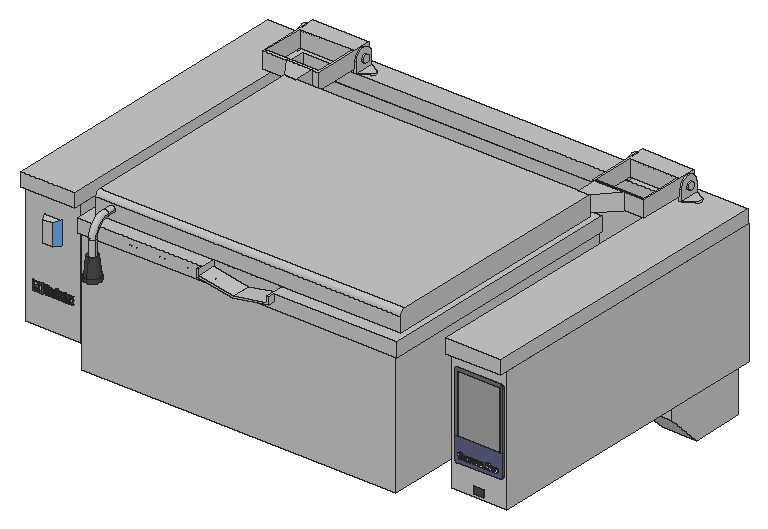
Revit family "QF_ELECTROLUXPROFESSIONAL_586283_PFET08EVEO", category Attrezzature speciali, Revit 2020 (continued)
Definition of nested family "QF_ELECTROLUXPROFESSIONAL_PBOT900H400_LEFT"
  Automatic sketch dimensions
    Extrusion 4 sketch curve to Extrusion 4 sketch curve = 0.826 mm  (x2)
    Extrusion 4 sketch curve to Extrusion 4 sketch curve = 0.126 mm  (x3)
    Extrusion 4 sketch curve to Extrusion 4 sketch curve = 2.333 mm
    Extrusion 4 sketch curve to Extrusion 4 sketch curve = 1.257 mm  (x2)
    Extrusion 4 sketch curve to Extrusion 4 sketch curve = 2.771 mm
    Extrusion 4 sketch curve to Extrusion 4 sketch curve = 1.497 mm
    Extrusion 4 sketch curve to Extrusion 4 sketch curve = 1.979 mm
    Extrusion 4 sketch curve to Extrusion 4 sketch curve = 1.653 mm
    Extrusion 4 sketch curve to Extrusion 4 sketch curve = 0.085 mm
    Extrusion 4 sketch curve to Extrusion 4 sketch curve = 0.315 mm
    Extrusion 4 sketch curve to Extrusion 4 sketch curve = 3.811 mm
    Extrusion 4 sketch curve to Extrusion 4 sketch curve = 2.136 mm  (x2)
    Extrusion 4 sketch curve to Extrusion 4 sketch curve = 2.352 mm  (x2)
    Extrusion 4 sketch curve to plane 8 "TOP" = 289.122 mm
    Extrusion 4 sketch curve to Extrusion 4 sketch curve = 3.797 mm
    Extrusion 4 sketch curve to plane 8 "TOP" = 296.104 mm
    Extrusion 4 sketch curve to Extrusion 4 sketch curve = 1.528 mm
    Extrusion 4 sketch curve to plane 8 "TOP" = 290.598 mm
    Extrusion 4 sketch curve to Extrusion 4 sketch curve = 1.476 mm
    Extrusion 4 sketch curve to plane 8 "TOP" = 294.635 mm
    Extrusion 4 sketch curve to Extrusion 4 sketch curve = 1.469 mm
    Extrusion 4 sketch curve to Extrusion 4 sketch curve = 3.728 mm
    Extrusion 4 sketch curve to Extrusion 4 sketch curve = 0.046 mm
    Extrusion 4 sketch curve to Extrusion 4 sketch curve = 0.177 mm
    Extrusion 4 sketch curve to Extrusion 4 sketch curve = 0.947 mm
    Extrusion 4 sketch curve to Extrusion 4 sketch curve = 0.308 mm
    Extrusion 4 sketch curve to Extrusion 4 sketch curve = 0.091 mm
    Extrusion 4 sketch curve to Extrusion 4 sketch curve = 2.375 mm
    Extrusion 4 sketch curve to Extrusion 4 sketch curve = 0.94 mm
    Extrusion 4 sketch curve to Extrusion 4 sketch curve = 0.54 mm
    Extrusion 4 sketch curve to Extrusion 4 sketch curve = 0.102 mm
    Extrusion 4 sketch curve to Extrusion 4 sketch curve = 0.002 mm  (x4)
    Extrusion 4 sketch curve to Extrusion 4 sketch curve = 0.105 mm
    Extrusion 4 sketch curve to Extrusion 4 sketch curve = 0.097 mm
    Extrusion 4 sketch curve to Extrusion 4 sketch curve = 3.982 mm
    Extrusion 4 sketch curve to Extrusion 4 sketch curve = 0.17 mm
    Extrusion 4 sketch curve to Extrusion 4 sketch curve = 6.49 mm
    Extrusion 4 sketch curve to Extrusion 4 sketch curve = 1.777 mm
    Extrusion 4 sketch curve to plane 8 "TOP" = 296.072 mm
    Extrusion 4 sketch curve to Extrusion 4 sketch curve = 0.63 mm
    Extrusion 4 sketch curve to Extrusion 4 sketch curve = 1.001 mm
    Extrusion 4 sketch curve to plane 8 "TOP" = 294.678 mm
    Extrusion 4 sketch curve to Extrusion 4 sketch curve = 1.393 mm
    Extrusion 4 sketch curve to Extrusion 4 sketch curve = 2.363 mm
    Extrusion 4 sketch curve to Extrusion 4 sketch curve = 2.253 mm
    Extrusion 4 sketch curve to Extrusion 4 sketch curve = 0.014 mm  (x4)
    Extrusion 4 sketch curve to Extrusion 4 sketch curve = 0.172 mm
    Extrusion 4 sketch curve to Extrusion 4 sketch curve = 0.096 mm
    Extrusion 4 sketch curve to Extrusion 4 sketch curve = 0.164 mm
    Extrusion 4 sketch curve to Extrusion 4 sketch curve = 0.298 mm
    Extrusion 4 sketch curve to Extrusion 4 sketch curve = 0.247 mm
    Extrusion 4 sketch curve to Extrusion 4 sketch curve = 0.084 mm
    Extrusion 4 sketch curve to Extrusion 4 sketch curve = 6.484 mm
    Extrusion 4 sketch curve to Extrusion 4 sketch curve = 2.596 mm
    Extrusion 4 sketch curve to Extrusion 4 sketch curve = 0.059 mm  (x2)
    Extrusion 4 sketch curve to Extrusion 4 sketch curve = 3.889 mm
    Extrusion 4 sketch curve to plane 8 "TOP" = 307.979 mm
    Extrusion 4 sketch curve to Extrusion 4 sketch curve = 6.029 mm
    Extrusion 4 sketch curve to plane 8 "TOP" = 305.988 mm
    Extrusion 4 sketch curve to Extrusion 4 sketch curve = 0.929 mm
    Extrusion 4 sketch curve to Extrusion 4 sketch curve = 1.102 mm
    Extrusion 4 sketch curve to Extrusion 4 sketch curve = 0.756 mm  (x2)
    Extrusion 4 sketch curve to plane 8 "TOP" = 306.353 mm
    Extrusion 4 sketch curve to Extrusion 4 sketch curve = 0.852 mm
    Extrusion 4 sketch curve to Extrusion 4 sketch curve = 0.108 mm
    Extrusion 4 sketch curve to Extrusion 4 sketch curve = 0.101 mm
    Extrusion 4 sketch curve to Extrusion 4 sketch curve = 0.072 mm
    Extrusion 4 sketch curve to Extrusion 4 sketch curve = 1.67 mm
    Extrusion 4 sketch curve to Extrusion 4 sketch curve = 1.834 mm
    Extrusion 4 sketch curve to Extrusion 4 sketch curve = 0.366 mm
    Extrusion 4 sketch curve to Extrusion 4 sketch curve = 0.993 mm
    Extrusion 4 sketch curve to Extrusion 4 sketch curve = 0.81 mm
    Extrusion 4 sketch curve to Extrusion 4 sketch curve = 1.026 mm  (x2)
    Extrusion 4 sketch curve to Extrusion 4 sketch curve = 4.272 mm
    Extrusion 4 sketch curve to Extrusion 4 sketch curve = 0.163 mm
    Extrusion 4 sketch curve to Extrusion 4 sketch curve = 0.551 mm
    Extrusion 4 sketch curve to Extrusion 4 sketch curve = 6.11 mm
    Extrusion 4 sketch curve to Extrusion 4 sketch curve = 1.451 mm
    Extrusion 4 sketch curve to Extrusion 4 sketch curve = 5.217 mm
    Extrusion 4 sketch curve to Extrusion 4 sketch curve = 0.045 mm  (x2)
    Extrusion 4 sketch curve to Extrusion 4 sketch curve = 0.241 mm
    Extrusion 4 sketch curve to Extrusion 4 sketch curve = 0.039 mm
    Extrusion 4 sketch curve to Extrusion 4 sketch curve = 1.134 mm
    Extrusion 4 sketch curve to Extrusion 4 sketch curve = 2.351 mm
    Extrusion 4 sketch curve to Extrusion 4 sketch curve = 3.993 mm
    Extrusion 4 sketch curve to Extrusion 4 sketch curve = 10.128 mm
    Extrusion 4 sketch curve to Extrusion 4 sketch curve = 0.956 mm
    Extrusion 4 sketch curve to Extrusion 4 sketch curve = 1.263 mm
    Extrusion 4 sketch curve to Extrusion 4 sketch curve = 2.577 mm
    Extrusion 4 sketch curve to Extrusion 4 sketch curve = 0.243 mm
    Extrusion 4 sketch curve to Extrusion 4 sketch curve = 0.031 mm
    Extrusion 4 sketch curve to Extrusion 4 sketch curve = 7.148 mm
    Extrusion 4 sketch curve to Extrusion 4 sketch curve = 1.502 mm
    Extrusion 4 sketch curve to Extrusion 4 sketch curve = 11.54 mm
    Extrusion 4 sketch curve to Extrusion 4 sketch curve = 11.758 mm
    Extrusion 4 sketch curve to Extrusion 4 sketch curve = 4.097 mm
    Extrusion 4 sketch curve to Extrusion 4 sketch curve = 0.011 mm
    Extrusion 4 sketch curve to Extrusion 4 sketch curve = 4.488 mm
    Extrusion 4 sketch curve to Extrusion 4 sketch curve = 11.908 mm
    Extrusion 4 sketch curve to Extrusion 4 sketch curve = 2.236 mm
    Extrusion 4 sketch curve to Extrusion 4 sketch curve = 0.22 mm
    Extrusion 4 sketch curve to Extrusion 4 sketch curve = 0.319 mm
    Extrusion 4 sketch curve to Extrusion 4 sketch curve = 1.192 mm
    Extrusion 4 sketch curve to Extrusion 4 sketch curve = 3.577 mm  (x2)
    Extrusion 4 sketch curve to Extrusion 4 sketch curve = 3.444 mm  (x2)
    Extrusion 4 sketch curve to Extrusion 4 sketch curve = 1.626 mm  (x2)
    Extrusion 4 sketch curve to Extrusion 4 sketch curve = 2.021 mm
    Extrusion 4 sketch curve to Extrusion 4 sketch curve = 2.967 mm
    Extrusion 4 sketch curve to Extrusion 4 sketch curve = 1.22 mm
    Extrusion 4 sketch curve to Extrusion 4 sketch curve = 3.412 mm
    Extrusion 4 sketch curve to Extrusion 4 sketch curve = 0.892 mm  (x3)
    Extrusion 4 sketch curve to Extrusion 4 sketch curve = 0.58 mm  (x2)
    Extrusion 4 sketch curve to Extrusion 4 sketch curve = 2.117 mm
    Extrusion 4 sketch curve to Extrusion 4 sketch curve = 0.295 mm  (x2)
    Extrusion 4 sketch curve to Extrusion 4 sketch curve = 0.618 mm
    Extrusion 4 sketch curve to Extrusion 4 sketch curve = 1.65 mm
    Extrusion 4 sketch curve to Extrusion 4 sketch curve = 1.662 mm
    Extrusion 4 sketch curve to Extrusion 4 sketch curve = 0.013 mm  (x2)
    Extrusion 4 sketch curve to Extrusion 4 sketch curve = 0.292 mm
    Extrusion 4 sketch curve to Extrusion 4 sketch curve = 0.107 mm  (x2)
    Extrusion 4 sketch curve to Extrusion 4 sketch curve = 0.068 mm  (x2)
    Extrusion 4 sketch curve to Extrusion 4 sketch curve = 2.361 mm
    Extrusion 4 sketch curve to Extrusion 4 sketch curve = 2.359 mm
    Extrusion 4 sketch curve to Extrusion 4 sketch curve = 0.531 mm  (x2)
    Extrusion 4 sketch curve to Extrusion 4 sketch curve = 0.928 mm  (x2)
    Extrusion 4 sketch curve to Extrusion 4 sketch curve = 1.058 mm
    Extrusion 4 sketch curve to Extrusion 4 sketch curve = 0.297 mm  (x2)
    Extrusion 4 sketch curve to Extrusion 4 sketch curve = 0.155 mm  (x2)
    Extrusion 4 sketch curve to Extrusion 4 sketch curve = 0.182 mm  (x2)
    Extrusion 4 sketch curve to Extrusion 4 sketch curve = 0.607 mm  (x2)
    Extrusion 4 sketch curve to Extrusion 4 sketch curve = 0.372 mm  (x2)
    Extrusion 4 sketch curve to Extrusion 4 sketch curve = 0.016 mm  (x2)
    Extrusion 4 sketch curve to Extrusion 4 sketch curve = 0.996 mm
    Extrusion 4 sketch curve to Extrusion 4 sketch curve = 0.93 mm
    Extrusion 4 sketch curve to Extrusion 4 sketch curve = 0.709 mm  (x2)
    Extrusion 4 sketch curve to Extrusion 4 sketch curve = 1.017 mm
    Extrusion 4 sketch curve to Extrusion 4 sketch curve = 4.718 mm
    Extrusion 4 sketch curve to Extrusion 4 sketch curve = 0.891 mm
    Extrusion 4 sketch curve to Extrusion 4 sketch curve = 3.826 mm
    Extrusion 4 sketch curve to Extrusion 4 sketch curve = 0.954 mm
    Extrusion 4 sketch curve to Extrusion 4 sketch curve = 5.576 mm
    Extrusion 4 sketch curve to Extrusion 4 sketch curve = 5.661 mm  (x2)
    Extrusion 4 sketch curve to Extrusion 4 sketch curve = 0.006 mm
    Extrusion 4 sketch curve to Extrusion 4 sketch curve = 2.203 mm
    Extrusion 4 sketch curve to Extrusion 4 sketch curve = 2.21 mm
    Extrusion 4 sketch curve to Extrusion 4 sketch curve = 1.607 mm
    Extrusion 4 sketch curve to Extrusion 4 sketch curve = 3.92 mm
    Extrusion 4 sketch curve to Extrusion 4 sketch curve = 0.05 mm
    Extrusion 4 sketch curve to Extrusion 4 sketch curve = 1.776 mm
    Extrusion 4 sketch curve to Extrusion 4 sketch curve = 4.017 mm
    Extrusion 4 sketch curve to Extrusion 4 sketch curve = 0.196 mm  (x2)
    Extrusion 4 sketch curve to Extrusion 4 sketch curve = 0.19 mm
    Extrusion 4 sketch curve to Extrusion 4 sketch curve = 1.312 mm
    Extrusion 4 sketch curve to Extrusion 4 sketch curve = 0.146 mm
    Extrusion 4 sketch curve to Extrusion 4 sketch curve = 2.831 mm
    Extrusion 4 sketch curve to Extrusion 4 sketch curve = 0.387 mm
    Extrusion 4 sketch curve to Extrusion 4 sketch curve = 0.174 mm
    Extrusion 4 sketch curve to Extrusion 4 sketch curve = 4.623 mm
    Extrusion 4 sketch curve to Extrusion 4 sketch curve = 1.754 mm
    Extrusion 4 sketch curve to Extrusion 4 sketch curve = 0.188 mm
    Extrusion 4 sketch curve to Extrusion 4 sketch curve = 0.02 mm
    Extrusion 4 sketch curve to Extrusion 4 sketch curve = 0.313 mm
    Extrusion 4 sketch curve to Extrusion 4 sketch curve = 0.12 mm
    Extrusion 4 sketch curve to Extrusion 4 sketch curve = 0.062 mm
    Extrusion 4 sketch curve to Extrusion 4 sketch curve = 0.568 mm
    Extrusion 4 sketch curve to Extrusion 4 sketch curve = 0.095 mm
    Extrusion 4 sketch curve to Extrusion 4 sketch curve = 0.357 mm
    Extrusion 4 sketch curve to Extrusion 4 sketch curve = 0.008 mm
    Extrusion 4 sketch curve to Extrusion 4 sketch curve = 0.36 mm
    Extrusion 4 sketch curve to Extrusion 4 sketch curve = 3.784 mm
    Extrusion 4 sketch curve to Extrusion 4 sketch curve = 1.654 mm
    Extrusion 4 sketch curve to Extrusion 4 sketch curve = 1.454 mm
    Extrusion 4 sketch curve to Extrusion 4 sketch curve = 3.429 mm
    Extrusion 4 sketch curve to Extrusion 4 sketch curve = 1.094 mm
    Extrusion 4 sketch curve to Extrusion 4 sketch curve = 2.218 mm
    Extrusion 4 sketch curve to Extrusion 4 sketch curve = 1.404 mm
    Extrusion 4 sketch curve to Extrusion 4 sketch curve = 5.959 mm
    Extrusion 4 sketch curve to Extrusion 4 sketch curve = 1.424 mm
    Extrusion 4 sketch curve to Extrusion 4 sketch curve = 3.23 mm
    Extrusion 4 sketch curve to Extrusion 4 sketch curve = 1.975 mm
    Extrusion 4 sketch curve to Extrusion 4 sketch curve = 3.779 mm
    Extrusion 4 sketch curve to Extrusion 4 sketch curve = 2.212 mm
    Extrusion 4 sketch curve to Extrusion 4 sketch curve = 3.78 mm
    Extrusion 4 sketch curve to Extrusion 4 sketch curve = 1.279 mm
    Extrusion 4 sketch curve to Extrusion 4 sketch curve = 1.343 mm  (x2)
    Extrusion 4 sketch curve to Extrusion 4 sketch curve = 1.353 mm  (x2)
    Extrusion 4 sketch curve to Extrusion 4 sketch curve = 0.027 mm  (x2)
    Extrusion 4 sketch curve to Extrusion 4 sketch curve = 0.395 mm  (x2)
    Extrusion 4 sketch curve to Extrusion 4 sketch curve = 0.329 mm  (x2)
    Extrusion 4 sketch curve to Extrusion 4 sketch curve = 0.425 mm  (x2)
    Extrusion 4 sketch curve to Extrusion 4 sketch curve = 0.051 mm  (x2)
    Extrusion 4 sketch curve to Extrusion 4 sketch curve = 0.495 mm  (x2)
    Extrusion 4 sketch curve to Extrusion 4 sketch curve = 0.267 mm  (x2)
    Extrusion 4 sketch curve to Extrusion 4 sketch curve = 1.4 mm
    Extrusion 4 sketch curve to Extrusion 4 sketch curve = 5.233 mm
    Extrusion 4 sketch curve to Extrusion 4 sketch curve = 2.062 mm
    Extrusion 2 sketch curve to plane 13 = 105.0 mm
    plane 16 to Extrusion 6 sketch curve = 0.0 mm  (x2)
    Extrusion 6 sketch curve to plane 18 = 0.0 mm
    Extrusion 6 sketch curve to plane 17 = 0.0 mm
    Extrusion 5 sketch curve to plane 13 = 60.0 mm
    Extrusion 5 sketch curve to plane 15 = 90.0 mm
    radius of Extrusion 2 sketch curve = 6.35 mm  (x2)
    radius of Extrusion 4 sketch curve = 2.453 mm
    radius of Extrusion 4 sketch curve = 1.557 mm
    radius of Extrusion 4 sketch curve = 1.468 mm
    radius of Extrusion 4 sketch curve = 2.451 mm
    radius of Extrusion 6 sketch curve = 5.0 mm  (x2)
Definition of nested family "QF_ELECTROLUXPROFESSIONAL_PBOT900H400_RIGHT"
  Parameters
    Width = 160.0 mm
    Right = Width / 2  # 80.0 mm
    Default Elevation = 0.0 mm
    Left = -Width / 2  # -80.0 mm
    Htop = 40.0 mm
    Height = 900.0 mm
    HBase = 200.0 mm
    EI_z = 450.0 mm
    EI_y = 239.0 mm
    Depth = 900.0 mm
    BorderFront = 20.0 mm
    Body Finish [instance] = none
  Reference planes
    plane 1 "Center (Front/Back)": y = 0
    plane 2: z = 0
    plane 3 "Center (Left/Right)": x = 0
    plane 4 "LEFT": x = -80
    plane 5 "RIGHT": x = 80
    plane 6 "BACK": y = 450
    plane 7 "FRONT": y = -450
    plane 8 "Base": z = 350
    plane 9 "TOP": z = 900
    plane 10 "BorderFront": y = -430
    plane 11: z = 860
    plane 12 "EI": z = 450
    plane 13: z = 500
    plane 14: y = 210
    plane 15: z = 800
    plane 16: z = 525
    plane 17: x = -30
  Forms (mm)
    Extrusion 1, solid
      sketch origin (0, 0, 0) x (1, 0, 0) y (0, 1, 0)
        loop
          line (-80, 450) -> (-80, -430) -> (80, -430) -> (80, 450) -> (-80, 450)
      from 860 to 500
    Extrusion 2, solid
      sketch origin (0, -430, 0) x (-1, 0, 0) y (0, 0, 1)
        loop
          line (59.714, 823.989) -> (-61.821, 823.989)
          arc (-61.821, 823.989) -> (-68.892, 821.06) -> (-71.821, 813.989) r 10
          line (-71.821, 813.989) -> (-71.821, 644.744) -> (-61.821, 644.744) -> (-61.821, 813.989) -> (59.714, 813.989) -> (59.714, 644.744) -> (69.714, 644.744) -> (69.714, 813.989)
          arc (69.714, 813.989) -> (66.786, 821.06) -> (59.714, 823.989) r 10
      from 0 to -3
    Extrusion 3, solid
      sketch origin (0, -430, 0) x (-1, 0, 0) y (0, 0, 1)
        loop
          line (69.714, 585) -> (69.714, 644.744) -> (-71.821, 644.744) -> (-71.821, 585)
          arc (-71.821, 585) -> (-68.892, 577.929) -> (-61.821, 575) r 10
          line (-61.821, 575) -> (59.714, 575)
          arc (59.714, 575) -> (66.786, 577.929) -> (69.714, 585) r 10
      from -3 to 0
    Extrusion 4, solid
      sketch origin (234.714, -430, 0) x (-1, 0, 0) y (0, 0, 1)
        loop
          line (294.429, 813.989) -> (172.894, 813.989) -> (172.894, 644.744) -> (294.429, 644.744) -> (294.429, 813.989)
      from 0 to -3
    Extrusion 5, solid
      sketch origin (0, -430, 0) x (-1, 0, 0) y (0, 0, 1)
        loop
          line (15, 530) -> (-15, 530) -> (-15, 510) -> (15, 510) -> (15, 530)
      from -1.6 to 0
    Extrusion 6, solid
      sketch origin (0, 450, 0) x (-1, 0, 0) y (0, 0, 1)
        loop
          circle (0, 450) r 5
      from 0 to 2
    Extrusion 7, solid
      sketch origin (0, 0, 0) x (0, 1, 0) y (0, 0, 1)
        loop
          line (450, 500) -> (210, 500) -> (210, 440) -> (300, 350) -> (450, 350) -> (450, 500)
      from -50 to 50
    Extrusion 8, void
      sketch origin (0, 450, 0) x (-1, 0, 0) y (0, 0, 1)
        loop
          circle (30, 800) r 5
        loop
          circle (30, 525) r 5
      from 0 to -5
  Cuts and joins
    Extrusion 8 cuts Extrusion 1
  Lines and regions (mm)
    symbolic lines
      curve 1: line (-80, 450, 0) -> (80, 450, 0)
      curve 2: line (80, 450, 0) -> (80, -430, 0)
  Dimensions and locks
    "Width": plane 4 "LEFT" to plane 5 "RIGHT"
    equal spacing: plane 4 "LEFT", plane 3 "Center (Left/Right)", plane 5 "RIGHT"
    equal spacing: plane 6 "BACK", plane 1 "Center (Front/Back)", plane 7 "FRONT"
    "Depth": plane 6 "BACK" to plane 7 "FRONT"
    "BorderFront": plane 10 "BorderFront" to plane 7 "FRONT"
    "Htop": plane 9 "TOP" to plane 11
    "Height": plane 9 "TOP" to level
    locked: plane 11 to plane 13 at 360
    plane 13 to plane 8 "Base" = 150.0 mm
    plane 6 "BACK" to plane 14 = 240.0 mm
    "EI_z": plane 12 "EI" to level
    plane 11 to level = 860.0 mm
    plane 16 to plane 15 to plane 11 = 275.0 mm, 60.0 mm
    plane 5 "RIGHT" to plane 17 = 110.0 mm
    aligned and locked: level to plane 2
    aligned and locked: plane 10 "BorderFront" to Extrusion 1 sketch curve
    aligned and locked: plane 11 to Extrusion 1
    aligned and locked: plane 4 "LEFT" to Extrusion 1 sketch curve
    aligned and locked: Extrusion 1 sketch curve to plane 5 "RIGHT"
    aligned and locked: Extrusion 1 sketch curve to plane 6 "BACK"
    aligned and locked: Extrusion 1 to plane 13
    aligned and locked: plane 6 "BACK" to Extrusion 7 sketch curve
    aligned and locked: plane 13 to Extrusion 7 sketch curve
    aligned and locked: Extrusion 7 sketch curve to plane 8 "Base"
    aligned and locked: plane 14 to Extrusion 7 sketch curve
  Automatic sketch dimensions
    Extrusion 2 sketch curve to plane 5 "RIGHT" = 8.179 mm
    Extrusion 2 sketch curve to Extrusion 2 sketch curve = 10.0 mm  (x2)
    Extrusion 2 sketch curve to Extrusion 2 sketch curve = 0.0 mm  (x4)
    plane 4 "LEFT" to Extrusion 2 sketch curve = 20.286 mm
    Extrusion 2 sketch curve to plane 11 = 215.256 mm
    Extrusion 2 sketch curve to plane 11 = 46.011 mm
    Extrusion 3 sketch curve to plane 5 "RIGHT" = 8.179 mm
    plane 4 "LEFT" to Extrusion 3 sketch curve = 20.286 mm
    plane 4 "LEFT" to Extrusion 3 sketch curve = 10.286 mm
    Extrusion 3 sketch curve to plane 11 = 285.0 mm
    Extrusion 3 sketch curve to Extrusion 3 sketch curve = 59.744 mm
    Extrusion 3 sketch curve to Extrusion 3 sketch curve = 10.0 mm
    plane 4 "LEFT" to Extrusion 4 sketch curve = 20.286 mm
    Extrusion 4 sketch curve to plane 11 = 46.011 mm
    Extrusion 4 sketch curve to plane 5 "RIGHT" = 18.179 mm
    Extrusion 4 sketch curve to Extrusion 4 sketch curve = 169.244 mm
    Extrusion 6 sketch curve to plane 3 "Center (Left/Right)" = 0.0 mm
    Extrusion 6 sketch curve to plane 12 "EI" = 0.0 mm
    curve 1 to plane 4 "LEFT" = 0.0 mm
    curve 1 to plane 5 "RIGHT" = 0.0 mm
    curve 2 to plane 10 "BorderFront" = 0.0 mm
    curve 1 to plane 6 "BACK" = 0.0 mm
    plane 3 "Center (Left/Right)" to Extrusion 5 sketch curve = 15.0 mm
    Extrusion 5 sketch curve to plane 3 "Center (Left/Right)" = 15.0 mm
    plane 12 "EI" to Extrusion 5 sketch curve = 60.0 mm
    Extrusion 5 sketch curve to Extrusion 5 sketch curve = 20.0 mm
    Extrusion 8 sketch curve to plane 16 = 0.0 mm
    plane 17 to Extrusion 8 sketch curve = 0.0 mm  (x2)
    Extrusion 8 sketch curve to plane 15 = 0.0 mm
    Extrusion 7 sketch curve to plane 12 "EI" = 10.0 mm
    Extrusion 7 sketch curve to plane 14 = 90.0 mm
    radius of Extrusion 6 sketch curve = 5.0 mm
    radius of Extrusion 8 sketch curve = 5.0 mm  (x2)
  Nested families
    nested 1: "ELX_ThermaLine" at (-0.906, -433, 593.675) x (1, 0, 0) z (0, -1, 0), type "ELX_ThermaLine"
      with Show Logo yes, Material_Logo none
  Definition of nested family "ELX_ThermaLine"
    Parameters
      Show Logo [instance] = yes
      Material_Logo [instance] = none
      Default Elevation = 0.0 mm
    Reference planes
      plane 1 "Centro (Fronte/Retro)": y = 0
      plane 2: z = 0
      plane 3 "Centro (Sinistra/Destra)": x = 0
    Forms (mm)
      Extrusion 1, solid
        sketch origin (0, 0, 0) x (1, 0, 0) y (0, 1, 0)
          loop
            line (-1219.2, 1219.2) -> (-1219.2, -1219.2) -> (1219.2, -1219.2) -> (1219.2, 1219.2) -> (-1219.2, 1219.2)
        from 0 to -304.8
      Extrusion 2, solid
        sketch origin (0, 0, 0) x (1, 0, 0) y (0, 1, 0)
          loop
            line (-52.84, 4.345) -> (-50.793, 4.345) -> (-50.793, 6.716) -> (-52.84, 6.716) -> (-52.84, 10.788) -> (-55.901, 9.058) -> (-55.901, 6.716) -> (-57.324, 6.716) -> (-57.324, 4.345) -> (-55.901, 4.345) -> (-55.901, -1.637)
            arc (-55.901, -1.637) -> (-54.76, -4.355) -> (-51.88, -4.985) r 3.198
            line (-51.88, -4.985) -> (-50.444, -4.597) -> (-50.782, -2.189) -> (-51.765, -2.453)
            arc (-51.765, -2.453) -> (-52.506, -2.305) -> (-52.84, -1.628) r 0.854
            line (-52.84, -1.628) -> (-52.84, 4.345)
          loop
            line (-48.642, 11.198) -> (-48.642, -4.787) -> (-45.561, -4.787) -> (-45.561, 2.659)
            arc (-45.561, 2.659) -> (-44.379, 4.372) -> (-42.304, 4.523) r 2.408
            arc (-42.304, 4.523) -> (-41.484, 3.75) -> (-41.182, 2.665) r 2.099
            line (-41.182, 2.665) -> (-41.182, -4.787) -> (-38.117, -4.787) -> (-38.088, 2.166)
            arc (-38.088, 2.166) -> (-38.343, 3.963) -> (-39.021, 5.646) r 7.517
            arc (-39.021, 5.646) -> (-42.369, 6.971) -> (-45.561, 5.303) r 4.327
            line (-45.561, 5.303) -> (-45.561, 11.198) -> (-48.642, 11.198)
          loop
            arc (-28.196, 1.988) -> (-28.834, 3.893) -> (-30.683, 4.679) r 2.449
            arc (-30.683, 4.679) -> (-32.149, 3.674) -> (-32.711, 1.988) r 2.793
            line (-32.711, 1.988) -> (-28.196, 1.988)
          loop
            arc (-25.128, 0.121) -> (-26.074, 4.342) -> (-29.545, 6.923) r 6.212
            arc (-29.545, 6.923) -> (-33.021, 6.358) -> (-35.352, 3.718) r 5.232
            arc (-35.352, 3.718) -> (-35.918, 1.148) -> (-35.633, -1.468) r 8.117
            arc (-35.633, -1.468) -> (-34.524, -3.319) -> (-32.789, -4.603) r 5.523
            arc (-32.789, -4.603) -> (-28.402, -4.744) -> (-25.297, -1.641) r 5.523
            line (-25.297, -1.641) -> (-28.327, -1.106)
            arc (-28.327, -1.106) -> (-29.324, -2.396) -> (-30.951, -2.501) r 1.982
            arc (-30.951, -2.501) -> (-32.276, -1.475) -> (-32.789, 0.121) r 2.835
            line (-32.789, 0.121) -> (-25.128, 0.121)
          loop
            line (-22.733, -4.787) -> (-19.705, -4.787) -> (-19.705, 0)
            arc (-19.705, 0) -> (-19.663, 1.267) -> (-19.469, 2.521) r 10.557
            arc (-19.469, 2.521) -> (-18.189, 4.014) -> (-16.237, 3.761) r 2.069
            line (-16.237, 3.761) -> (-15.318, 6.433)
            arc (-15.318, 6.433) -> (-17.915, 6.783) -> (-19.931, 5.11) r 3.262
            line (-19.931, 5.11) -> (-19.931, 6.752) -> (-22.733, 6.752) -> (-22.733, -4.787)
          loop
            line (-14.233, 6.752) -> (-14.233, -4.787) -> (-11.135, -4.787) -> (-11.135, 1.783)
            arc (-11.135, 1.783) -> (-10.552, 3.635) -> (-8.862, 4.59) r 2.646
            arc (-8.862, 4.59) -> (-7.677, 3.931) -> (-7.234, 2.65) r 1.899
            line (-7.234, 2.65) -> (-7.234, -4.787) -> (-4.155, -4.787) -> (-4.155, 1.467)
            arc (-4.155, 1.467) -> (-3.845, 2.923) -> (-2.97, 4.128) r 3.581
            arc (-2.97, 4.128) -> (-1.581, 4.474) -> (-0.516, 3.516) r 1.525
            arc (-0.516, 3.516) -> (-0.324, 2.735) -> (-0.304, 1.931) r 3.735
            line (-0.304, 1.931) -> (-0.304, -4.787) -> (2.776, -4.787) -> (2.776, 3.096)
            arc (2.776, 3.096) -> (1.833, 5.68) -> (-0.612, 6.942) r 3.784
            arc (-0.612, 6.942) -> (-2.795, 6.596) -> (-4.513, 5.205) r 4.271
            arc (-4.513, 5.205) -> (-5.893, 6.457) -> (-7.686, 6.964) r 4.079
            arc (-7.686, 6.964) -> (-9.75, 6.555) -> (-11.39, 5.237) r 4.412
            line (-11.39, 5.237) -> (-11.39, 6.752) -> (-14.233, 6.752)
          loop
            line (5.334, 3.712) -> (8.069, 3.23)
            arc (8.069, 3.23) -> (10.312, 4.685) -> (12.137, 2.73) r 2.082
            line (12.137, 2.73) -> (8.171, 1.741)
            arc (8.171, 1.741) -> (6.593, 1.022) -> (5.378, -0.215) r 4.758
            arc (5.378, -0.215) -> (5.225, -1.991) -> (5.744, -3.697) r 4.711
            arc (5.744, -3.697) -> (7.301, -4.682) -> (9.118, -4.992) r 4.691
            arc (9.118, -4.992) -> (10.903, -4.593) -> (12.411, -3.558) r 4.818
            line (12.411, -3.558) -> (12.81, -4.787) -> (15.873, -4.787) -> (15.179, -2.652) -> (15.179, 3.25)
            arc (15.179, 3.25) -> (14.773, 5.146) -> (13.38, 6.496) r 3.336
            arc (13.38, 6.496) -> (10.765, 7.201) -> (8.091, 6.773) r 6.459
            arc (8.091, 6.773) -> (6.348, 5.57) -> (5.334, 3.712) r 4.569
          loop
            line (21.001, -4.787) -> (24.24, -4.787) -> (27.623, 11.127) -> (24.384, 11.127) -> (21.001, -4.787)
          loop
            line (27.273, -4.787) -> (30.332, -4.787) -> (32.777, 6.716) -> (29.718, 6.716) -> (27.273, -4.787)
          loop
            line (30.656, 11.127) -> (30.058, 8.314) -> (33.117, 8.314) -> (33.715, 11.127) -> (30.656, 11.127)
          loop
            line (33.431, -4.787) -> (36.649, -4.787) -> (38.261, 2.796)
            arc (38.261, 2.796) -> (39.644, 4.445) -> (41.791, 4.594) r 2.751
            arc (41.791, 4.594) -> (42.425, 3.729) -> (42.502, 2.659) r 1.936
            line (42.502, 2.659) -> (40.919, -4.787) -> (43.989, -4.787) -> (45.795, 3.712)
            arc (45.795, 3.712) -> (45.588, 5.458) -> (44.361, 6.716) r 2.734
            arc (44.361, 6.716) -> (41.222, 6.857) -> (38.516, 5.259) r 5.512
            line (38.516, 5.259) -> (38.826, 6.716) -> (35.876, 6.716) -> (33.431, -4.787)
          loop
            line (50.773, 1.934) -> (55.672, 1.934)
            arc (55.672, 1.934) -> (55.737, 2.919) -> (55.334, 3.821) r 2.051
            arc (55.334, 3.821) -> (53.773, 4.722) -> (52.024, 4.287) r 2.407
            arc (52.024, 4.287) -> (51.223, 3.203) -> (50.773, 1.934) r 4.566
          loop
            line (50.479, 0) -> (58.259, 0)
            arc (58.259, 0) -> (58.241, 3.53) -> (56.181, 6.396) r 5.8
            arc (56.181, 6.396) -> (52.577, 6.992) -> (49.395, 5.199) r 5.498
            arc (49.395, 5.199) -> (47.819, 2.372) -> (47.536, -0.853) r 7.747
            arc (47.536, -0.853) -> (48.406, -3.006) -> (50.236, -4.437) r 4.494
            arc (50.236, -4.437) -> (52.672, -4.934) -> (55.109, -4.437) r 6.224
            arc (55.109, -4.437) -> (56.76, -3.346) -> (57.916, -1.739) r 5.478
            line (57.916, -1.739) -> (55.129, -1.247)
            arc (55.129, -1.247) -> (53.897, -2.495) -> (52.149, -2.637) r 2.52
            arc (52.149, -2.637) -> (50.809, -1.638) -> (50.479, 0) r 2.336
          loop
            line (12.154, 0.755) -> (8.732, -0.098)
            arc (8.732, -0.098) -> (8.126, -1.288) -> (8.732, -2.478) r 1.471
            arc (8.732, -2.478) -> (10.437, -2.725) -> (11.827, -1.706) r 2.276
            arc (11.827, -1.706) -> (12.142, -0.496) -> (12.154, 0.755) r 5.123
        from 0 to 1.6
    Dimensions and locks
      aligned and locked: plane 2 to Extrusion 1
      aligned and locked: level to Extrusion 1
Definition of nested family "QF_ELECTROLUXPROFESSIONAL_PFET900_LEVEL2"
  Parameters
    Default Elevation = 0.0 mm
    Assembly Code = ""
  Reference planes
    plane 1 "Center (Front/Back)": y = 0
    plane 2: z = 0
    plane 3 "Center (Left/Right)": x = 0
  Forms (mm)
    Sweep 1, solid
      path origin (0, 45, 0) x (0, 1, 0) y (0, 0, 1)
        loop
          line (-45, 0) -> (-70, 0)
          arc (-70, 0) -> (-101.82, -13.18) -> (-115, -45) r 45
          line (-115, -45) -> (-115, -90)
      profile origin (0, -12.5, 0) x (0, 0, -1) y (1, 0, 0)
        loop
          circle (0, 0) r 9
    Revolve 2, solid
      sketch origin (0, 45, 0) x (0, 1, 0) y (0, 0, 1)
        loop
          line (-115, -90) -> (-115, -152.379) -> (-92.246, -152.379) -> (-92.246, -142.379) -> (-94.495, -142.379) -> (-100, -90) -> (-115, -90)
        axis (-115, -90) -> (-115, -152.379)
      angle from 0 to 360
  Lines and regions (mm)
    symbolic lines
      curve 1: line (9, 0, 0) -> (9, -94.102, 0)
      curve 2: line (-9, 0, 0) -> (-9, -94.102, 0)
      curve 3: circle (0, -115, 0) r 22.754 normal (0, 0, 1)
  Dimensions and locks
    aligned and locked: level to plane 2
